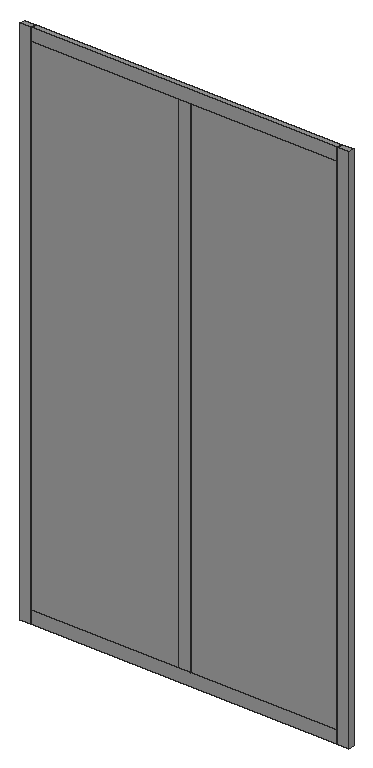
Revit family "MAMPARA IRIS 1200X1950", category Plumbing Fixtures, Revit 2019
Family settings
  Round Connector Dimension = Use Diameter
  Part Type = Normal
  OmniClass Number = 23.45.00.00
  OmniClass Title = Sanitary, Laundry, and Cleaning Equipment
  Work Plane-Based = No
  Always vertical = Yes
  Cut with Voids When Loaded = No
  Shared = No
  Room Calculation Point = No
Reference planes
  plane 1 "Center (Front/Back)": y = 0
  plane 2: z = 0
  plane 3 "Center (Left/Right)": x = 0
Forms (mm)
  Extrusion 1, solid
    sketch origin (0, 0, 0) x (1, 0, 0) y (0, 0, 1)
      loop
        line (50, 0) -> (90, 0) -> (90, 1950) -> (50, 1950) -> (50, 0)
      loop
        line (1250, 1950) -> (1206.863, 1950) -> (1206.863, 0) -> (1250, 0) -> (1250, 1950)
    from 0 to 20.008
  Extrusion 2, solid
    sketch origin (0, 0, 0) x (1, 0, 0) y (0, 0, 1)
      loop
        line (90, 1950) -> (90, 1905) -> (1206.863, 1905) -> (1206.863, 1950) -> (90, 1950)
      loop
        line (90, 0) -> (1206.863, 0) -> (1206.863, 45) -> (90, 45) -> (90, 0)
    from 0 to 20.008
  Extrusion 3, solid
    sketch origin (0, 0, 0) x (1, 0, 0) y (0, 1, 0)
      loop
        line (90, 0) -> (90, -20.008) -> (1206.863, -20.008) -> (1206.863, 0) -> (90, 0)
    from 45 to 1905
  Extrusion 4, solid
    sketch origin (0, 0, 0) x (1, 0, 0) y (0, 1, 0)
      loop
        line (627.5, 0) -> (627.5, -20.008) -> (672.5, -20.008) -> (672.5, 0) -> (627.5, 0)
    from 45 to 1905
Dimensions and locks
  aligned and locked: level to plane 2
